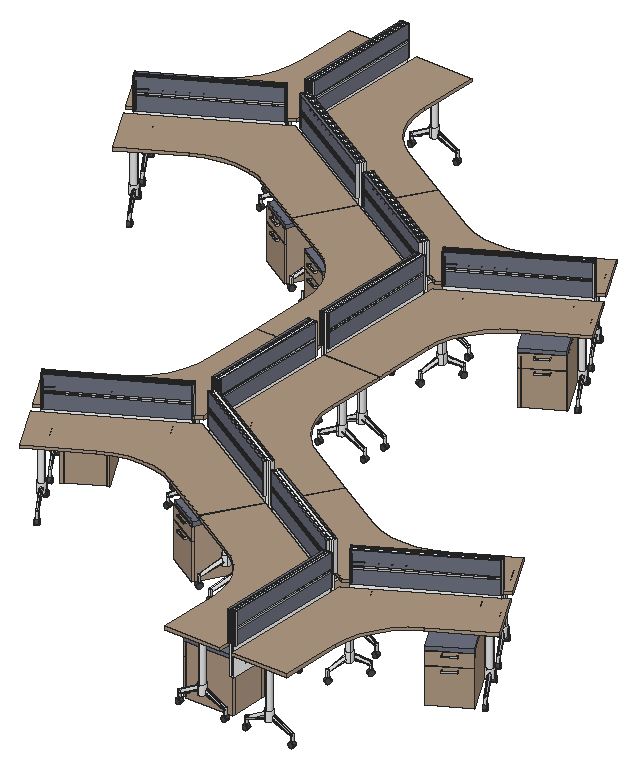
Revit family "T200028", category Furniture, Revit 2013 (continued)
Forms (in)
  Extrusion 389, solid, material "OFS BRANDS INTERMIX WORK Roll Plastic" <- "Roll Material"
    sketch origin (-3.28979, 39.49186, 29.4745) x (0.500014, -0.866017, 0) y (0, 0, -1)
      loop
        arc (-18.30139, 28.55034) -> (-18.56665, 27.84584) -> (-19.24135, 27.51201) r 1.02602
        line (-19.24135, 27.51201) -> (-19.24135, 27.59827)
        arc (-19.24135, 27.59827) -> (-19.32729, 27.59434) -> (-19.41323, 27.59827) r 0.94008
        line (-19.41323, 27.59827) -> (-19.41323, 27.51201)
        arc (-19.41323, 27.51201) -> (-20.08257, 27.83996) -> (-20.35331, 28.53442) r 1.02602
        line (-20.35331, 28.53442) -> (-20.43925, 28.53442)
        arc (-20.43925, 28.53442) -> (-20.14338, 27.77914) -> (-19.41323, 27.42579) r 1.11196
        line (-19.41323, 27.42579) -> (-19.41323, 27.09434) -> (-19.24135, 27.09434) -> (-19.24135, 27.42579)
        arc (-19.24135, 27.42579) -> (-18.50581, 27.785) -> (-18.21545, 28.55034) r 1.11196
        line (-18.21545, 28.55034) -> (-18.30139, 28.55034)
    from -0.56728 to 0.61508
  Extrusion 390, solid, material "OFS BRANDS INTERMIX WORK Feet Metal" <- "Feet Material"
    sketch origin (43.00651, 62.50654, 0) x (0.866017, 0.500014, 0) y (-0.500014, 0.866017, 0)
      loop
        circle (-51.57715, 22.59884) r 0.43
    from 2.38016 to 4.9582
  SweptBlend 391, solid, material "OFS BRANDS INTERMIX WORK Feet Metal" <- "Feet Material"
    path origin (42.03681, 64.18604, 0) x (0.500014, -0.866017, 0) y (0, 0, -1)
      loop
        line (-13.15165, -7.14826) -> (-20.5899, -3.99092)
    profile origin (35.4608, 75.5756, 7.14826) x (-0.195371, 0.33838, 0.920505) y (0.866017, 0.500014, 0)
      loop
        arc (2.62281, -51.51844) -> (2.58268, -51.39722) -> (2.47816, -51.32389) r 0.20315
        line (2.47816, -51.32389) -> (1.22742, -50.94783)
        arc (1.22742, -50.94783) -> (0.97866, -50.92516) -> (0.7409, -51.00171) r 0.625
        line (0.7409, -51.00171) -> (0.41893, -51.18293)
        arc (0.41893, -51.18293) -> (0.37961, -51.2216) -> (0.36519, -51.27484) r 0.10547
        line (0.36519, -51.27484) -> (0.36519, -51.8808)
        arc (0.36519, -51.8808) -> (0.37972, -51.93444) -> (0.41933, -51.97341) r 0.10627
        line (0.41933, -51.97341) -> (0.74123, -52.15459)
        arc (0.74123, -52.15459) -> (0.97865, -52.23103) -> (1.22705, -52.20839) r 0.6241
        line (1.22705, -52.20839) -> (2.47817, -51.8322)
        arc (2.47817, -51.8322) -> (2.58269, -51.75888) -> (2.62281, -51.63768) r 0.20313
        line (2.62281, -51.63768) -> (2.62281, -51.51844)
    end profile origin (31.74157, 82.01725, 3.99092) x (-0.195371, 0.33838, 0.920505) y (0.866017, 0.500014, 0)
      loop
        arc (0.00296, -51.97173) -> (0.47961, -51.92362) -> (0.93193, -51.76575) r 2.04165
        arc (0.93193, -51.76575) -> (1.04882, -51.57876) -> (0.93193, -51.39177) r 0.20801
        arc (0.93193, -51.39177) -> (0.47961, -51.2339) -> (0.00296, -51.18579) r 2.04165
        arc (0.00296, -51.18579) -> (-0.12974, -51.57876) -> (0.00296, -51.97173) r 0.64824
  Extrusion 392, solid, material "OFS BRANDS INTERMIX WORK Roll Plastic" <- "Roll Material"
    sketch origin (-15.41177, 60.48696, 29.4745) x (-0.500014, 0.866017, 0) y (0, 0, 1)
      loop
        circle (-19.32729, -28.53442) r 0.94008
    from -0.75 to 0.78386
  Extrusion 393, solid, material "OFS BRANDS INTERMIX WORK Roll Plastic" <- "Roll Material"
    sketch origin (-15.41177, 60.48696, 29.4745) x (-0.500014, 0.866017, 0) y (0, 0, 1)
      loop
        line (-18.30139, -28.55034) -> (-18.21545, -28.55034)
        arc (-18.21545, -28.55034) -> (-18.50581, -27.785) -> (-19.24135, -27.42579) r 1.11196
        line (-19.24135, -27.42579) -> (-19.24135, -27.09434) -> (-19.41323, -27.09434) -> (-19.41323, -27.42579)
        arc (-19.41323, -27.42579) -> (-20.14338, -27.77914) -> (-20.43925, -28.53442) r 1.11196
        line (-20.43925, -28.53442) -> (-20.35331, -28.53442)
        arc (-20.35331, -28.53442) -> (-20.08257, -27.83996) -> (-19.41323, -27.51201) r 1.02602
        line (-19.41323, -27.51201) -> (-19.41323, -27.59827)
        arc (-19.41323, -27.59827) -> (-19.32729, -27.59434) -> (-19.24135, -27.59827) r 0.94008
        line (-19.24135, -27.59827) -> (-19.24135, -27.51201)
        arc (-19.24135, -27.51201) -> (-18.56665, -27.84584) -> (-18.30139, -28.55034) r 1.02602
    from -0.56728 to 0.61508
  Extrusion 394, solid, material "OFS BRANDS INTERMIX WORK Feet Metal" <- "Feet Material"
    sketch origin (27.66673, 89.07481, 0) x (0.866017, 0.500014, 0) y (-0.500014, 0.866017, 0)
      loop
        circle (-51.57715, -22.59884) r 0.43
    from 2.38016 to 4.9582
  SweptBlend 395, solid, material "OFS BRANDS INTERMIX WORK Feet Metal" <- "Feet Material"
    path origin (28.63643, 87.3953, 0) x (-0.500014, 0.866017, 0) y (0, 0, 1)
      loop
        line (-13.15165, 7.14826) -> (-20.5899, 3.99092)
    profile origin (35.21244, 76.00575, 7.14826) x (-0.195371, 0.33838, -0.920505) y (0.866017, 0.500014, 0)
      loop
        line (-2.62281, -51.51844) -> (-2.62281, -51.63768)
        arc (-2.62281, -51.63768) -> (-2.58269, -51.75888) -> (-2.47817, -51.8322) r 0.20313
        line (-2.47817, -51.8322) -> (-1.22705, -52.20839)
        arc (-1.22705, -52.20839) -> (-0.97865, -52.23103) -> (-0.74123, -52.15459) r 0.6241
        line (-0.74123, -52.15459) -> (-0.41933, -51.97341)
        arc (-0.41933, -51.97341) -> (-0.37972, -51.93444) -> (-0.36519, -51.8808) r 0.10627
        line (-0.36519, -51.8808) -> (-0.36519, -51.27484)
        arc (-0.36519, -51.27484) -> (-0.37961, -51.2216) -> (-0.41893, -51.18293) r 0.10547
        line (-0.41893, -51.18293) -> (-0.7409, -51.00171)
        arc (-0.7409, -51.00171) -> (-0.97866, -50.92516) -> (-1.22742, -50.94783) r 0.625
        line (-1.22742, -50.94783) -> (-2.47816, -51.32389)
        arc (-2.47816, -51.32389) -> (-2.58268, -51.39722) -> (-2.62281, -51.51844) r 0.20315
    end profile origin (38.93167, 69.5641, 3.99092) x (-0.195371, 0.33838, -0.920505) y (0.866017, 0.500014, 0)
      loop
        arc (-0.00296, -51.97173) -> (0.12974, -51.57876) -> (-0.00296, -51.18579) r 0.64824
        arc (-0.00296, -51.18579) -> (-0.47961, -51.2339) -> (-0.93193, -51.39177) r 2.04165
        arc (-0.93193, -51.39177) -> (-1.04882, -51.57876) -> (-0.93193, -51.76575) r 0.20801
        arc (-0.93193, -51.76575) -> (-0.47961, -51.92362) -> (-0.00296, -51.97173) r 2.04165
  Extrusion 396, solid, material "OFS BRANDS INTERMIX WORK Back Coverage Plastic" <- "Back Coverage Material"
    sketch origin (0.07023, 30.00737, 29.4745) x (-0.000009, 1, 0) y (0, 0, 1)
      loop
        line (20.99537, -11.2245) -> (20.99537, 12.5255) -> (-27.00463, 12.5255) -> (-27.00463, -11.2245) -> (20.99537, -11.2245)
    from -0.9375 to -0.1875
  Extrusion 397, solid, material "OFS BRANDS INTERMIX WORK Tackboard Fabric" <- "Tackboard Material"
    sketch origin (-0.96302, 30.00736, 29.4745) x (-0.000009, 1, 0) y (0, 0, 1)
      loop
        line (21.02662, 6.99425) -> (21.02662, 12.5255) -> (-27.03588, 12.5255) -> (-27.03588, 6.99425) -> (21.02662, 6.99425)
    from -0.66085 to 0.03085
  Extrusion 398, solid, material "OFS BRANDS INTERMIX WORK Tackboard Fabric" <- "Tackboard Material"
    sketch origin (-0.96302, 30.00736, 22.69325) x (-0.000009, 1, 0) y (0, 0, 1)
      loop
        line (20.68752, 6.99425) -> (20.68752, 12.5255) -> (-27.03588, 12.5255) -> (-27.03588, 6.99425) -> (20.68752, 6.99425)
    from -0.66085 to 0.03085
  Extrusion 399, solid, material "OFS BRANDS INTERMIX WORK Conector Metal" <- "Conector Material"
    sketch origin (0.60113, 55.04473, 0) x (0.000009, -1, 0) y (1, 0.000009, 0)
      loop
        line (51.73413, -2.29012) -> (52.10913, -2.29011) -> (52.10913, -1.46862) -> (51.35913, -1.46862) -> (51.35913, -1.50452) -> (52.07323, -1.50452) -> (52.07323, -2.25422) -> (51.73413, -2.25422) -> (51.73413, -2.29012)
    from 29.74775 to 41.93975
  Extrusion 400, solid, material "OFS BRANDS INTERMIX WORK Tool Rail Metal" <- "Tool Rail Material"
    sketch origin (0.60113, 55.04473, 0) x (1, 0.000009, 0) y (0, 0, 1)
      loop
        line (-1.53351, 35.21875) -> (-1.53351, 34.46875) -> (-1.46862, 34.46875) -> (-1.46862, 35.29875) -> (-2.15611, 35.29875) -> (-2.15612, 35.70367) -> (-2.04082, 35.70367) -> (-1.85742, 35.59348) -> (-1.70638, 35.84486) -> (-1.85625, 36.09427) -> (-2.04176, 35.9828) -> (-2.15612, 35.9828) -> (-2.15612, 36.38875) -> (-1.46862, 36.38875) -> (-1.46862, 37.21875) -> (-1.53351, 37.21875) -> (-1.53351, 36.46875) -> (-2.23612, 36.46875) -> (-2.23612, 35.9028) -> (-2.01958, 35.9028) -> (-1.88459, 35.98391) -> (-1.80037, 35.84375) -> (-1.88459, 35.70359) -> (-2.01958, 35.78469) -> (-2.23612, 35.78469) -> (-2.23612, 35.21875) -> (-1.53351, 35.21875)
    from 4.01073 to 52.07323
  Extrusion 401, solid, material "OFS BRANDS INTERMIX WORK Conector Metal" <- "Conector Material"
    sketch origin (0.60161, -1.03923, 0) x (-0.000009, 1, 0) y (-1, -0.000009, 0)
      loop
        line (51.73413, 2.29012) -> (51.73413, 2.25422) -> (52.07323, 2.25422) -> (52.07323, 1.50452) -> (51.35913, 1.50452) -> (51.35913, 1.46862) -> (52.10913, 1.46862) -> (52.10913, 2.29011) -> (51.73413, 2.29012)
    from 29.74775 to 41.93975
  Extrusion 402, solid, material "OFS BRANDS INTERMIX WORK Conector Clip Metal" <- "Conector Clip Material"
    sketch origin (0.07046, 3.00275, 57.662) x (0, 0, -1) y (1, 0.000009, 0)
      loop
        line (29.787, -2.37745) -> (29.787, -10.34879) -> (29.9745, -10.34879) -> (29.9745, -2.46068) -> (31.27888, -1.1563) -> (36.66201, -1.1563) -> (36.66201, -0.9375) -> (31.22695, -0.9375) -> (29.787, -2.37745)
    from -7.1875 to -5.8125
  Extrusion 403, solid, material "OFS BRANDS INTERMIX WORK Conector Clip Metal" <- "Conector Clip Material"
    sketch origin (0.07046, 3.00275, 57.662) x (0, 0, -1) y (1, 0.000009, 0)
      loop
        line (35.87689, -1.1563) -> (30.037, -10.49716) -> (30.037, -11.86776) -> (36.66201, -1.1563) -> (35.87689, -1.1563)
    from -6.59375 to -6.40625
  Extrusion 404, solid, material "OFS BRANDS INTERMIX WORK Conector Clip Metal" <- "Conector Clip Material"
    sketch origin (0.07016, 38.00275, 57.662) x (0, 0, -1) y (1, 0.000009, 0)
      loop
        line (29.787, -2.37745) -> (29.787, -10.34879) -> (29.9745, -10.34879) -> (29.9745, -2.46068) -> (31.27888, -1.1563) -> (36.66201, -1.1563) -> (36.66201, -0.9375) -> (31.22695, -0.9375) -> (29.787, -2.37745)
    from -7.1875 to -5.8125
  Extrusion 405, solid, material "OFS BRANDS INTERMIX WORK Conector Clip Metal" <- "Conector Clip Material"
    sketch origin (0.07016, 38.00275, 57.662) x (0, 0, -1) y (1, 0.000009, 0)
      loop
        line (35.87689, -1.1563) -> (30.037, -10.49716) -> (30.037, -11.86776) -> (36.66201, -1.1563) -> (35.87689, -1.1563)
    from -6.59375 to -6.40625
  Extrusion 406, solid, material "OFS BRANDS INTERMIX WORK Back Coverage Plastic" <- "Back Coverage Material"
    sketch origin (-21.94585, 68.13885, 29.4745) x (0.866038, -0.499978, 0) y (0, 0, -1)
      loop
        line (20.99537, 11.2245) -> (-27.00463, 11.2245) -> (-27.00463, -12.5255) -> (20.99537, -12.5255) -> (20.99537, 11.2245)
    from -0.9375 to -0.1875
  Extrusion 407, solid, material "OFS BRANDS INTERMIX WORK Tackboard Fabric" <- "Tackboard Material"
    sketch origin (-22.46245, 67.24402, 29.4745) x (0.866038, -0.499978, 0) y (0, 0, -1)
      loop
        line (21.02662, -6.99425) -> (-27.03588, -6.99425) -> (-27.03588, -12.5255) -> (21.02662, -12.5255) -> (21.02662, -6.99425)
    from -0.66085 to 0.03085
  Extrusion 408, solid, material "OFS BRANDS INTERMIX WORK Tackboard Fabric" <- "Tackboard Material"
    sketch origin (-22.46245, 67.24402, 22.69325) x (0.866038, -0.499978, 0) y (0, 0, -1)
      loop
        line (20.68752, -6.99425) -> (-27.03588, -6.99425) -> (-27.03588, -12.5255) -> (20.68752, -12.5255) -> (20.68752, -6.99425)
    from -0.66085 to 0.03085
  Extrusion 409, solid, material "OFS BRANDS INTERMIX WORK Conector Metal" <- "Conector Material"
    sketch origin (0.00299, 56.08068, 0) x (-0.866038, 0.499978, 0) y (-0.499978, -0.866038, 0)
      loop
        line (51.73413, 2.29012) -> (51.73413, 2.25422) -> (52.07323, 2.25422) -> (52.07323, 1.50452) -> (51.35913, 1.50452) -> (51.35913, 1.46862) -> (52.10913, 1.46862) -> (52.10913, 2.29011) -> (51.73413, 2.29012)
    from 29.74775 to 41.93975
  Extrusion 410, solid, material "OFS BRANDS INTERMIX WORK Tool Rail Metal" <- "Tool Rail Material"
    sketch origin (0.00299, 56.08068, 0) x (0.499978, 0.866038, 0) y (0, 0, -1)
      loop
        line (-1.53351, -35.21875) -> (-2.23612, -35.21875) -> (-2.23612, -35.78469) -> (-2.01958, -35.78469) -> (-1.88459, -35.70359) -> (-1.80037, -35.84375) -> (-1.88459, -35.98391) -> (-2.01958, -35.9028) -> (-2.23612, -35.9028) -> (-2.23612, -36.46875) -> (-1.53351, -36.46875) -> (-1.53351, -37.21875) -> (-1.46862, -37.21875) -> (-1.46862, -36.38875) -> (-2.15612, -36.38875) -> (-2.15612, -35.9828) -> (-2.04176, -35.9828) -> (-1.85625, -36.09427) -> (-1.70638, -35.84486) -> (-1.85742, -35.59348) -> (-2.04082, -35.70367) -> (-2.15612, -35.70367) -> (-2.15611, -35.29875) -> (-1.46862, -35.29875) -> (-1.46862, -34.46875) -> (-1.53351, -34.46875) -> (-1.53351, -35.21875)
    from 4.01073 to 52.07323
  Extrusion 411, solid, material "OFS BRANDS INTERMIX WORK Conector Metal" <- "Conector Material"
    sketch origin (-48.56784, 84.12144, 0) x (0.866038, -0.499978, 0) y (0.499978, 0.866038, 0)
      loop
        line (51.73413, -2.29012) -> (52.10913, -2.29011) -> (52.10913, -1.46862) -> (51.35913, -1.46862) -> (51.35913, -1.50452) -> (52.07323, -1.50452) -> (52.07323, -2.25422) -> (51.73413, -2.25422) -> (51.73413, -2.29012)
    from 29.74775 to 41.93975
  Extrusion 412, solid, material "OFS BRANDS INTERMIX WORK Conector Clip Metal" <- "Conector Clip Material"
    sketch origin (-45.33288, 81.64058, 57.662) x (0, 0, -1) y (-0.499978, -0.866038, 0)
      loop
        line (29.787, 2.37745) -> (31.22695, 0.9375) -> (36.66201, 0.9375) -> (36.66201, 1.1563) -> (31.27888, 1.1563) -> (29.9745, 2.46068) -> (29.9745, 10.34879) -> (29.787, 10.34879) -> (29.787, 2.37745)
    from -7.1875 to -5.8125
  Extrusion 413, solid, material "OFS BRANDS INTERMIX WORK Conector Clip Metal" <- "Conector Clip Material"
    sketch origin (-45.33288, 81.64058, 57.662) x (0, 0, -1) y (-0.499978, -0.866038, 0)
      loop
        line (35.87689, 1.1563) -> (36.66201, 1.1563) -> (30.037, 11.86776) -> (30.037, 10.49716) -> (35.87689, 1.1563)
    from -6.59375 to -6.40625
  Extrusion 414, solid, material "OFS BRANDS INTERMIX WORK Conector Clip Metal" <- "Conector Clip Material"
    sketch origin (-15.02155, 64.14134, 57.662) x (0, 0, -1) y (-0.499978, -0.866038, 0)
      loop
        line (29.787, 2.37745) -> (31.22695, 0.9375) -> (36.66201, 0.9375) -> (36.66201, 1.1563) -> (31.27888, 1.1563) -> (29.9745, 2.46068) -> (29.9745, 10.34879) -> (29.787, 10.34879) -> (29.787, 2.37745)
    from -7.1875 to -5.8125
  Extrusion 415, solid, material "OFS BRANDS INTERMIX WORK Conector Clip Metal" <- "Conector Clip Material"
    sketch origin (-15.02155, 64.14134, 57.662) x (0, 0, -1) y (-0.499978, -0.866038, 0)
      loop
        line (35.87689, 1.1563) -> (36.66201, 1.1563) -> (30.037, 11.86776) -> (30.037, 10.49716) -> (35.87689, 1.1563)
    from -6.59375 to -6.40625
  Extrusion 416, solid, material "OFS BRANDS INTERMIX WORK Roll Plastic" <- "Roll Material"
    sketch origin (-45.26715, 77.80198, 29.4745) x (0.499986, 0.866034, 0) y (0, 0, 1)
      loop
        circle (-19.32729, -28.53442) r 0.94008
    from -0.75 to 0.78386
  Extrusion 417, solid, material "OFS BRANDS INTERMIX WORK Roll Plastic" <- "Roll Material"
    sketch origin (-45.26715, 77.80198, 29.4745) x (0.499986, 0.866034, 0) y (0, 0, 1)
      loop
        line (-18.30139, -28.55034) -> (-18.21545, -28.55034)
        arc (-18.21545, -28.55034) -> (-18.50581, -27.785) -> (-19.24135, -27.42579) r 1.11196
        line (-19.24135, -27.42579) -> (-19.24135, -27.09434) -> (-19.41323, -27.09434) -> (-19.41323, -27.42579)
        arc (-19.41323, -27.42579) -> (-20.14338, -27.77914) -> (-20.43925, -28.53442) r 1.11196
        line (-20.43925, -28.53442) -> (-20.35331, -28.53442)
        arc (-20.35331, -28.53442) -> (-20.08257, -27.83996) -> (-19.41323, -27.51201) r 1.02602
        line (-19.41323, -27.51201) -> (-19.41323, -27.59827)
        arc (-19.41323, -27.59827) -> (-19.32729, -27.59434) -> (-19.24135, -27.59827) r 0.94008
        line (-19.24135, -27.59827) -> (-19.24135, -27.51201)
        arc (-19.24135, -27.51201) -> (-18.56665, -27.84584) -> (-18.30139, -28.55034) r 1.02602
    from -0.56728 to 0.61508
  Extrusion 418, solid, material "OFS BRANDS INTERMIX WORK Feet Metal" <- "Feet Material"
    sketch origin (1.0299, 54.78883, 0) x (0.866034, -0.499986, 0) y (0.499986, 0.866034, 0)
      loop
        line (-54.57973, -9.4) -> (-54.57973, -17.4) -> (-48.57973, -17.4) -> (-48.57973, -9.4) -> (-54.57973, -9.4)
    from 27.6875 to 27.87542
  Extrusion 419, solid, material "OFS BRANDS INTERMIX WORK Feet Metal" <- "Feet Material"
    sketch origin (1.0299, 54.78883, 0) x (0.866034, -0.499986, 0) y (0.499986, 0.866034, 0)
      loop
        circle (-51.57876, -13.39995) r 1.14391
    from 10.29161 to 27.6875
  Extrusion 420, solid, material "OFS BRANDS INTERMIX WORK Feet Metal" <- "Feet Material"
    sketch origin (1.0299, 54.78883, 0) x (0.866034, -0.499986, 0) y (0.499986, 0.866034, 0)
      loop
        circle (-51.57876, -13.40165) r 1.51553
    from 6.70403 to 10.29161
  Extrusion 421, solid, material "OFS BRANDS INTERMIX WORK Feet Metal" <- "Feet Material"
    sketch origin (1.0299, 54.78883, 0) x (0.866034, -0.499986, 0) y (0.499986, 0.866034, 0)
      loop
        circle (-51.57715, -22.59884) r 0.43
    from 2.38016 to 4.82597
  SweptBlend 422, solid, material "OFS BRANDS INTERMIX WORK Feet Metal" <- "Feet Material"
    path origin (1.0299, 54.78883, 0) x (0.499986, 0.866034, 0) y (0, 0, 1)
      loop
        line (-13.40165, 7.14826) -> (-22.60845, 3.84119)
    profile origin (-5.67073, 43.18255, 7.14826) x (0.169021, 0.292764, -0.941127) y (0.866034, -0.499986, 0)
      loop
        line (-2.62281, -51.51844) -> (-2.62281, -51.63768)
        arc (-2.62281, -51.63768) -> (-2.58269, -51.75888) -> (-2.47817, -51.8322) r 0.20313
        line (-2.47817, -51.8322) -> (-1.22705, -52.20839)
        arc (-1.22705, -52.20839) -> (-0.97865, -52.23103) -> (-0.74123, -52.15459) r 0.6241
        line (-0.74123, -52.15459) -> (-0.41933, -51.97341)
        arc (-0.41933, -51.97341) -> (-0.37972, -51.93444) -> (-0.36519, -51.8808) r 0.10627
        line (-0.36519, -51.8808) -> (-0.36519, -51.27484)
        arc (-0.36519, -51.27484) -> (-0.37961, -51.2216) -> (-0.41893, -51.18293) r 0.10547
        line (-0.41893, -51.18293) -> (-0.7409, -51.00171)
        arc (-0.7409, -51.00171) -> (-0.97866, -50.92516) -> (-1.22742, -50.94783) r 0.625
        line (-1.22742, -50.94783) -> (-2.47816, -51.32389)
        arc (-2.47816, -51.32389) -> (-2.58268, -51.39722) -> (-2.62281, -51.51844) r 0.20315
    end profile origin (-10.274, 35.20915, 3.84119) x (0.169021, 0.292764, -0.941127) y (0.866034, -0.499986, 0)
      loop
        arc (-0.00296, -51.97173) -> (0.12974, -51.57876) -> (-0.00296, -51.18579) r 0.64824
        arc (-0.00296, -51.18579) -> (-0.47961, -51.2339) -> (-0.93193, -51.39177) r 2.04165
        arc (-0.93193, -51.39177) -> (-1.04882, -51.57876) -> (-0.93193, -51.76575) r 0.20801
        arc (-0.93193, -51.76575) -> (-0.47961, -51.92362) -> (-0.00296, -51.97173) r 2.04165
  Extrusion 423, solid, material "OFS BRANDS INTERMIX WORK Roll Plastic" <- "Roll Material"
    sketch origin (-55.44916, 60.16555, 29.4745) x (-0.499986, -0.866034, 0) y (0, 0, -1)
      loop
        circle (-19.32729, 28.53442) r 0.94008
    from -0.75 to 0.78386
  Extrusion 424, solid, material "OFS BRANDS INTERMIX WORK Roll Plastic" <- "Roll Material"
    sketch origin (-55.44916, 60.16555, 29.4745) x (-0.499986, -0.866034, 0) y (0, 0, -1)
      loop
        arc (-18.30139, 28.55034) -> (-18.56665, 27.84584) -> (-19.24135, 27.51201) r 1.02602
        line (-19.24135, 27.51201) -> (-19.24135, 27.59827)
        arc (-19.24135, 27.59827) -> (-19.32729, 27.59434) -> (-19.41323, 27.59827) r 0.94008
        line (-19.41323, 27.59827) -> (-19.41323, 27.51201)
        arc (-19.41323, 27.51201) -> (-20.08257, 27.83996) -> (-20.35331, 28.53442) r 1.02602
        line (-20.35331, 28.53442) -> (-20.43925, 28.53442)
        arc (-20.43925, 28.53442) -> (-20.14338, 27.77914) -> (-19.41323, 27.42579) r 1.11196
        line (-19.41323, 27.42579) -> (-19.41323, 27.09434) -> (-19.24135, 27.09434) -> (-19.24135, 27.42579)
        arc (-19.24135, 27.42579) -> (-18.50581, 27.785) -> (-18.21545, 28.55034) r 1.11196
        line (-18.21545, 28.55034) -> (-18.30139, 28.55034)
    from -0.56728 to 0.61508
  Extrusion 425, solid, material "OFS BRANDS INTERMIX WORK Feet Metal" <- "Feet Material"
    sketch origin (-12.36971, 31.57913, 0) x (0.866034, -0.499986, 0) y (0.499986, 0.866034, 0)
      loop
        circle (-51.57715, 22.59884) r 0.43
    from 2.38016 to 4.82597
  SweptBlend 426, solid, material "OFS BRANDS INTERMIX WORK Feet Metal" <- "Feet Material"
    path origin (-12.36971, 31.57913, 0) x (-0.499986, -0.866034, 0) y (0, 0, -1)
      loop
        line (-13.40165, -7.14826) -> (-22.60845, -3.84119)
    profile origin (-5.66908, 43.18541, 7.14826) x (0.169021, 0.292764, 0.941127) y (0.866034, -0.499986, 0)
      loop
        arc (2.62281, -51.51844) -> (2.58268, -51.39722) -> (2.47816, -51.32389) r 0.20315
        line (2.47816, -51.32389) -> (1.22742, -50.94783)
        arc (1.22742, -50.94783) -> (0.97866, -50.92516) -> (0.7409, -51.00171) r 0.625
        line (0.7409, -51.00171) -> (0.41893, -51.18293)
        arc (0.41893, -51.18293) -> (0.37961, -51.2216) -> (0.36519, -51.27484) r 0.10547
        line (0.36519, -51.27484) -> (0.36519, -51.8808)
        arc (0.36519, -51.8808) -> (0.37972, -51.93444) -> (0.41933, -51.97341) r 0.10627
        line (0.41933, -51.97341) -> (0.74123, -52.15459)
        arc (0.74123, -52.15459) -> (0.97865, -52.23103) -> (1.22705, -52.20839) r 0.6241
        line (1.22705, -52.20839) -> (2.47817, -51.8322)
        arc (2.47817, -51.8322) -> (2.58269, -51.75888) -> (2.62281, -51.63768) r 0.20313
        line (2.62281, -51.63768) -> (2.62281, -51.51844)
    end profile origin (-1.06581, 51.1588, 3.84119) x (0.169021, 0.292764, 0.941127) y (0.866034, -0.499986, 0)
      loop
        arc (0.00296, -51.97173) -> (0.47961, -51.92362) -> (0.93193, -51.76575) r 2.04165
        arc (0.93193, -51.76575) -> (1.04882, -51.57876) -> (0.93193, -51.39177) r 0.20801
        arc (0.93193, -51.39177) -> (0.47961, -51.2339) -> (0.00296, -51.18579) r 2.04165
        arc (0.00296, -51.18579) -> (-0.12974, -51.57876) -> (0.00296, -51.97173) r 0.64824
  Extrusion 427, solid, material "OFS BRANDS INTERMIX WORK Roll Plastic" <- "Roll Material"
    sketch origin (92.71721, -161.1858, 29.4745) x (1, 0, 0) y (0, 0, -1)
      loop
        circle (-19.32729, 28.53442) r 0.94008
    from -0.75 to 0.78386
  Extrusion 428, solid, material "OFS BRANDS INTERMIX WORK Roll Plastic" <- "Roll Material"
    sketch origin (92.71721, -161.1858, 29.4745) x (1, 0, 0) y (0, 0, -1)
      loop
        arc (-18.30139, 28.55034) -> (-18.56665, 27.84584) -> (-19.24135, 27.51201) r 1.02602
        line (-19.24135, 27.51201) -> (-19.24135, 27.59827)
        arc (-19.24135, 27.59827) -> (-19.32729, 27.59434) -> (-19.41323, 27.59827) r 0.94008
        line (-19.41323, 27.59827) -> (-19.41323, 27.51201)
        arc (-19.41323, 27.51201) -> (-20.08257, 27.83996) -> (-20.35331, 28.53442) r 1.02602
        line (-20.35331, 28.53442) -> (-20.43925, 28.53442)
        arc (-20.43925, 28.53442) -> (-20.14338, 27.77914) -> (-19.41323, 27.42579) r 1.11196
        line (-19.41323, 27.42579) -> (-19.41323, 27.09434) -> (-19.24135, 27.09434) -> (-19.24135, 27.42579)
        arc (-19.24135, 27.42579) -> (-18.50581, 27.785) -> (-18.21545, 28.55034) r 1.11196
        line (-18.21545, 28.55034) -> (-18.30139, 28.55034)
    from -0.56728 to 0.61508
  Extrusion 429, solid, material "OFS BRANDS INTERMIX WORK Feet Metal" <- "Feet Material"
    sketch origin (95.9349, -109.58474, 0) x (0, 1, 0) y (-1, 0, 0)
      loop
        line (-54.57973, 9.4) -> (-48.57973, 9.4) -> (-48.57973, 17.4) -> (-54.57973, 17.4) -> (-54.57973, 9.4)
    from 27.6875 to 27.87542
  Extrusion 430, solid, material "OFS BRANDS INTERMIX WORK Feet Metal" <- "Feet Material"
    sketch origin (95.9349, -109.58474, 0) x (0, 1, 0) y (-1, 0, 0)
      loop
        circle (-51.57876, 13.39995) r 1.14391
    from 10.29161 to 27.6875
  Extrusion 431, solid, material "OFS BRANDS INTERMIX WORK Feet Metal" <- "Feet Material"
    sketch origin (95.9349, -109.58474, 0) x (0, 1, 0) y (-1, 0, 0)
      loop
        circle (-51.57876, 13.40165) r 1.51553
    from 6.70403 to 10.29161
  Extrusion 432, solid, material "OFS BRANDS INTERMIX WORK Feet Metal" <- "Feet Material"
    sketch origin (95.9349, -109.58474, 0) x (0, 1, 0) y (-1, 0, 0)
      loop
        circle (-51.57715, 22.59884) r 0.43
    from 2.38016 to 4.82597
  SweptBlend 433, solid, material "OFS BRANDS INTERMIX WORK Feet Metal" <- "Feet Material"
    path origin (95.9349, -109.58474, 0) x (1, 0, 0) y (0, 0, -1)
      loop
        line (-13.40165, -7.14826) -> (-22.60845, -3.84119)
    profile origin (82.53325, -109.58475, 7.14826) x (-0.338052, 0, 0.941127) y (0, 1, 0)
      loop
        arc (2.62281, -51.51844) -> (2.58268, -51.39722) -> (2.47816, -51.32389) r 0.20315
        line (2.47816, -51.32389) -> (1.22742, -50.94783)
        arc (1.22742, -50.94783) -> (0.97866, -50.92516) -> (0.7409, -51.00171) r 0.625
        line (0.7409, -51.00171) -> (0.41893, -51.18293)
        arc (0.41893, -51.18293) -> (0.37961, -51.2216) -> (0.36519, -51.27484) r 0.10547
        line (0.36519, -51.27484) -> (0.36519, -51.8808)
        arc (0.36519, -51.8808) -> (0.37972, -51.93444) -> (0.41933, -51.97341) r 0.10627
        line (0.41933, -51.97341) -> (0.74123, -52.15459)
        arc (0.74123, -52.15459) -> (0.97865, -52.23103) -> (1.22705, -52.20839) r 0.6241
        line (1.22705, -52.20839) -> (2.47817, -51.8322)
        arc (2.47817, -51.8322) -> (2.58269, -51.75888) -> (2.62281, -51.63768) r 0.20313
        line (2.62281, -51.63768) -> (2.62281, -51.51844)
    end profile origin (73.32645, -109.58475, 3.84119) x (-0.338052, 0, 0.941127) y (0, 1, 0)
      loop
        arc (0.00296, -51.97173) -> (0.47961, -51.92362) -> (0.93193, -51.76575) r 2.04165
        arc (0.93193, -51.76575) -> (1.04882, -51.57876) -> (0.93193, -51.39177) r 0.20801
        arc (0.93193, -51.39177) -> (0.47961, -51.2339) -> (0.00296, -51.18579) r 2.04165
        arc (0.00296, -51.18579) -> (-0.12974, -51.57876) -> (0.00296, -51.97173) r 0.64824
  Extrusion 434, solid, material "OFS BRANDS INTERMIX WORK Roll Plastic" <- "Roll Material"
    sketch origin (72.35261, -161.1858, 29.4745) x (-1, 0, 0) y (0, 0, 1)
      loop
        circle (-19.32729, -28.53442) r 0.94008
    from -0.75 to 0.78386
  Extrusion 435, solid, material "OFS BRANDS INTERMIX WORK Roll Plastic" <- "Roll Material"
    sketch origin (72.35261, -161.1858, 29.4745) x (-1, 0, 0) y (0, 0, 1)
      loop
        line (-18.30139, -28.55034) -> (-18.21545, -28.55034)
        arc (-18.21545, -28.55034) -> (-18.50581, -27.785) -> (-19.24135, -27.42579) r 1.11196
        line (-19.24135, -27.42579) -> (-19.24135, -27.09434) -> (-19.41323, -27.09434) -> (-19.41323, -27.42579)
        arc (-19.41323, -27.42579) -> (-20.14338, -27.77914) -> (-20.43925, -28.53442) r 1.11196
        line (-20.43925, -28.53442) -> (-20.35331, -28.53442)
        arc (-20.35331, -28.53442) -> (-20.08257, -27.83996) -> (-19.41323, -27.51201) r 1.02602
        line (-19.41323, -27.51201) -> (-19.41323, -27.59827)
        arc (-19.41323, -27.59827) -> (-19.32729, -27.59434) -> (-19.24135, -27.59827) r 0.94008
        line (-19.24135, -27.59827) -> (-19.24135, -27.51201)
        arc (-19.24135, -27.51201) -> (-18.56665, -27.84584) -> (-18.30139, -28.55034) r 1.02602
    from -0.56728 to 0.61508
  Extrusion 436, solid, material "OFS BRANDS INTERMIX WORK Feet Metal" <- "Feet Material"
    sketch origin (69.1349, -109.58475, 0) x (0, 1, 0) y (-1, 0, 0)
      loop
        circle (-51.57715, -22.59884) r 0.43
    from 2.38016 to 4.82597
  SweptBlend 437, solid, material "OFS BRANDS INTERMIX WORK Feet Metal" <- "Feet Material"
    path origin (69.1349, -109.58475, 0) x (-1, 0, 0) y (0, 0, 1)
      loop
        line (-13.40165, 7.14826) -> (-22.60845, 3.84119)
    profile origin (82.53655, -109.58475, 7.14826) x (-0.338052, 0, -0.941127) y (0, 1, 0)
      loop
        line (-2.62281, -51.51844) -> (-2.62281, -51.63768)
        arc (-2.62281, -51.63768) -> (-2.58269, -51.75888) -> (-2.47817, -51.8322) r 0.20313
        line (-2.47817, -51.8322) -> (-1.22705, -52.20839)
        arc (-1.22705, -52.20839) -> (-0.97865, -52.23103) -> (-0.74123, -52.15459) r 0.6241
        line (-0.74123, -52.15459) -> (-0.41933, -51.97341)
        arc (-0.41933, -51.97341) -> (-0.37972, -51.93444) -> (-0.36519, -51.8808) r 0.10627
        line (-0.36519, -51.8808) -> (-0.36519, -51.27484)
        arc (-0.36519, -51.27484) -> (-0.37961, -51.2216) -> (-0.41893, -51.18293) r 0.10547
        line (-0.41893, -51.18293) -> (-0.7409, -51.00171)
        arc (-0.7409, -51.00171) -> (-0.97866, -50.92516) -> (-1.22742, -50.94783) r 0.625
        line (-1.22742, -50.94783) -> (-2.47816, -51.32389)
        arc (-2.47816, -51.32389) -> (-2.58268, -51.39722) -> (-2.62281, -51.51844) r 0.20315
    end profile origin (91.74335, -109.58475, 3.84119) x (-0.338052, 0, -0.941127) y (0, 1, 0)
      loop
        arc (-0.00296, -51.97173) -> (0.12974, -51.57876) -> (-0.00296, -51.18579) r 0.64824
        arc (-0.00296, -51.18579) -> (-0.47961, -51.2339) -> (-0.93193, -51.39177) r 2.04165
        arc (-0.93193, -51.39177) -> (-1.04882, -51.57876) -> (-0.93193, -51.76575) r 0.20801
        arc (-0.93193, -51.76575) -> (-0.47961, -51.92362) -> (-0.00296, -51.97173) r 2.04165
  Extrusion 438, solid, material "OFS BRANDS INTERMIX WORK Top Core Wood" <- "Top Core Material"
    sketch origin (-29.57403, -90.50173, 0) x (-0.5, -0.866025, 0) y (0.866025, -0.5, 0)
      loop
        line (3.97134, 144.44683) -> (-42.79403, 117.44683) -> (-42.79403, 63.44684) -> (-20.79403, 63.44684) -> (-20.79403, 87.42463)
        arc (-20.79403, 87.42463) -> (-16.7855, 102.41798) -> (-5.81327, 113.39428) r 29.96155
        line (-5.81327, 113.39428) -> (14.97134, 125.39429) -> (3.97134, 144.44683)
    from 27.87542 to 29.00005
  Extrusion 439, solid, material "OFS BRANDS INTERMIX WORK Feet Metal" <- "Feet Material"
    sketch origin (124.5761, -78.76989, 0) x (0.866026, 0.5, 0) y (-0.5, 0.866026, 0)
      loop
        line (-54.57973, -9.4) -> (-54.57973, -17.4) -> (-48.57973, -17.4) -> (-48.57973, -9.4) -> (-54.57973, -9.4)
    from 27.6875 to 27.87542
  Extrusion 440, solid, material "OFS BRANDS INTERMIX WORK Feet Metal" <- "Feet Material"
    sketch origin (124.5761, -78.76989, 0) x (0.866026, 0.5, 0) y (-0.5, 0.866026, 0)
      loop
        circle (-51.57876, -13.39995) r 1.14391
    from 10.29161 to 27.6875
  Extrusion 441, solid, material "OFS BRANDS INTERMIX WORK Feet Metal" <- "Feet Material"
    sketch origin (124.5761, -78.76989, 0) x (0.866026, 0.5, 0) y (-0.5, 0.866026, 0)
      loop
        circle (-51.57876, -13.40165) r 1.51553
    from 6.70403 to 10.29161
  Extrusion 442, solid, material "OFS BRANDS INTERMIX WORK Roll Plastic" <- "Roll Material"
    sketch origin (92.64907, -126.67279, 29.4745) x (0.5, -0.866026, 0) y (0, 0, -1)
      loop
        circle (-19.32729, 28.53442) r 0.94008
    from -0.75 to 0.78386
  Extrusion 443, solid, material "OFS BRANDS INTERMIX WORK Roll Plastic" <- "Roll Material"
    sketch origin (92.64907, -126.67279, 29.4745) x (0.5, -0.866026, 0) y (0, 0, -1)
      loop
        arc (-18.30139, 28.55034) -> (-18.56665, 27.84584) -> (-19.24135, 27.51201) r 1.02602
        line (-19.24135, 27.51201) -> (-19.24135, 27.59827)
        arc (-19.24135, 27.59827) -> (-19.32729, 27.59434) -> (-19.41323, 27.59827) r 0.94008
        line (-19.41323, 27.59827) -> (-19.41323, 27.51201)
        arc (-19.41323, 27.51201) -> (-20.08257, 27.83996) -> (-20.35331, 28.53442) r 1.02602
        line (-20.35331, 28.53442) -> (-20.43925, 28.53442)
        arc (-20.43925, 28.53442) -> (-20.14338, 27.77914) -> (-19.41323, 27.42579) r 1.11196
        line (-19.41323, 27.42579) -> (-19.41323, 27.09434) -> (-19.24135, 27.09434) -> (-19.24135, 27.42579)
        arc (-19.24135, 27.42579) -> (-18.50581, 27.785) -> (-18.21545, 28.55034) r 1.11196
        line (-18.21545, 28.55034) -> (-18.30139, 28.55034)
    from -0.56728 to 0.61508
  Extrusion 444, solid, material "OFS BRANDS INTERMIX WORK Feet Metal" <- "Feet Material"
    sketch origin (138.94576, -103.6589, 0) x (0.866026, 0.5, 0) y (-0.5, 0.866026, 0)
      loop
        circle (-51.57715, 22.59884) r 0.43
    from 2.38016 to 4.9582
  SweptBlend 445, solid, material "OFS BRANDS INTERMIX WORK Feet Metal" <- "Feet Material"
    path origin (137.97609, -101.97938, 0) x (0.5, -0.866026, 0) y (0, 0, -1)
      loop
        line (-13.15165, -7.14826) -> (-20.5899, -3.99092)
    profile origin (131.40027, -90.58971, 7.14826) x (-0.195365, 0.338383, 0.920505) y (0.866026, 0.5, 0)
      loop
        arc (2.62281, -51.51844) -> (2.58268, -51.39722) -> (2.47816, -51.32389) r 0.20315
        line (2.47816, -51.32389) -> (1.22742, -50.94783)
        arc (1.22742, -50.94783) -> (0.97866, -50.92516) -> (0.7409, -51.00171) r 0.625
        line (0.7409, -51.00171) -> (0.41893, -51.18293)
        arc (0.41893, -51.18293) -> (0.37961, -51.2216) -> (0.36519, -51.27484) r 0.10547
        line (0.36519, -51.27484) -> (0.36519, -51.8808)
        arc (0.36519, -51.8808) -> (0.37972, -51.93444) -> (0.41933, -51.97341) r 0.10627
        line (0.41933, -51.97341) -> (0.74123, -52.15459)
        arc (0.74123, -52.15459) -> (0.97865, -52.23103) -> (1.22705, -52.20839) r 0.6241
        line (1.22705, -52.20839) -> (2.47817, -51.8322)
        arc (2.47817, -51.8322) -> (2.58269, -51.75888) -> (2.62281, -51.63768) r 0.20313
        line (2.62281, -51.63768) -> (2.62281, -51.51844)
    end profile origin (127.68115, -84.148, 3.99092) x (-0.195365, 0.338383, 0.920505) y (0.866026, 0.5, 0)
      loop
        arc (0.00296, -51.97173) -> (0.47961, -51.92362) -> (0.93193, -51.76575) r 2.04165
        arc (0.93193, -51.76575) -> (1.04882, -51.57876) -> (0.93193, -51.39177) r 0.20801
        arc (0.93193, -51.39177) -> (0.47961, -51.2339) -> (0.00296, -51.18579) r 2.04165
        arc (0.00296, -51.18579) -> (-0.12974, -51.57876) -> (0.00296, -51.97173) r 0.64824
  Extrusion 446, solid, material "OFS BRANDS INTERMIX WORK Roll Plastic" <- "Roll Material"
    sketch origin (80.52744, -105.67749, 29.4745) x (-0.5, 0.866026, 0) y (0, 0, 1)
      loop
        circle (-19.32729, -28.53442) r 0.94008
    from -0.75 to 0.78386
  Extrusion 447, solid, material "OFS BRANDS INTERMIX WORK Roll Plastic" <- "Roll Material"
    sketch origin (80.52744, -105.67749, 29.4745) x (-0.5, 0.866026, 0) y (0, 0, 1)
      loop
        line (-18.30139, -28.55034) -> (-18.21545, -28.55034)
        arc (-18.21545, -28.55034) -> (-18.50581, -27.785) -> (-19.24135, -27.42579) r 1.11196
        line (-19.24135, -27.42579) -> (-19.24135, -27.09434) -> (-19.41323, -27.09434) -> (-19.41323, -27.42579)
        arc (-19.41323, -27.42579) -> (-20.14338, -27.77914) -> (-20.43925, -28.53442) r 1.11196
        line (-20.43925, -28.53442) -> (-20.35331, -28.53442)
        arc (-20.35331, -28.53442) -> (-20.08257, -27.83996) -> (-19.41323, -27.51201) r 1.02602
        line (-19.41323, -27.51201) -> (-19.41323, -27.59827)
        arc (-19.41323, -27.59827) -> (-19.32729, -27.59434) -> (-19.24135, -27.59827) r 0.94008
        line (-19.24135, -27.59827) -> (-19.24135, -27.51201)
        arc (-19.24135, -27.51201) -> (-18.56665, -27.84584) -> (-18.30139, -28.55034) r 1.02602
    from -0.56728 to 0.61508
  Extrusion 448, solid, material "OFS BRANDS INTERMIX WORK Feet Metal" <- "Feet Material"
    sketch origin (123.60643, -77.09037, 0) x (0.866026, 0.5, 0) y (-0.5, 0.866026, 0)
      loop
        circle (-51.57715, -22.59884) r 0.43
    from 2.38016 to 4.9582
  SweptBlend 449, solid, material "OFS BRANDS INTERMIX WORK Feet Metal" <- "Feet Material"
    path origin (124.5761, -78.76989, 0) x (-0.5, 0.866026, 0) y (0, 0, 1)
      loop
        line (-13.15165, 7.14826) -> (-20.5899, 3.99092)
    profile origin (131.15192, -90.15956, 7.14826) x (-0.195365, 0.338383, -0.920505) y (0.866026, 0.5, 0)
      loop
        line (-2.62281, -51.51844) -> (-2.62281, -51.63768)
        arc (-2.62281, -51.63768) -> (-2.58269, -51.75888) -> (-2.47817, -51.8322) r 0.20313
        line (-2.47817, -51.8322) -> (-1.22705, -52.20839)
        arc (-1.22705, -52.20839) -> (-0.97865, -52.23103) -> (-0.74123, -52.15459) r 0.6241
        line (-0.74123, -52.15459) -> (-0.41933, -51.97341)
        arc (-0.41933, -51.97341) -> (-0.37972, -51.93444) -> (-0.36519, -51.8808) r 0.10627
        line (-0.36519, -51.8808) -> (-0.36519, -51.27484)
        arc (-0.36519, -51.27484) -> (-0.37961, -51.2216) -> (-0.41893, -51.18293) r 0.10547
        line (-0.41893, -51.18293) -> (-0.7409, -51.00171)
        arc (-0.7409, -51.00171) -> (-0.97866, -50.92516) -> (-1.22742, -50.94783) r 0.625
        line (-1.22742, -50.94783) -> (-2.47816, -51.32389)
        arc (-2.47816, -51.32389) -> (-2.58268, -51.39722) -> (-2.62281, -51.51844) r 0.20315
    end profile origin (134.87104, -96.60127, 3.99092) x (-0.195365, 0.338383, -0.920505) y (0.866026, 0.5, 0)
      loop
        arc (-0.00296, -51.97173) -> (0.12974, -51.57876) -> (-0.00296, -51.18579) r 0.64824
        arc (-0.00296, -51.18579) -> (-0.47961, -51.2339) -> (-0.93193, -51.39177) r 2.04165
        arc (-0.93193, -51.39177) -> (-1.04882, -51.57876) -> (-0.93193, -51.76575) r 0.20801
        arc (-0.93193, -51.76575) -> (-0.47961, -51.92362) -> (-0.00296, -51.97173) r 2.04165
  Extrusion 450, solid, material "OFS BRANDS INTERMIX WORK Back Coverage Plastic" <- "Back Coverage Material"
    sketch origin (96.00892, -136.15734, 29.4745) x (0.000008, 1, 0) y (0, 0, 1)
      loop
        line (20.99537, -11.2245) -> (20.99537, 12.5255) -> (-27.00463, 12.5255) -> (-27.00463, -11.2245) -> (20.99537, -11.2245)
    from -0.9375 to -0.1875
  Extrusion 451, solid, material "OFS BRANDS INTERMIX WORK Tackboard Fabric" <- "Tackboard Material"
    sketch origin (94.97567, -136.15733, 29.4745) x (0.000008, 1, 0) y (0, 0, 1)
      loop
        line (21.02662, 6.99425) -> (21.02662, 12.5255) -> (-27.03588, 12.5255) -> (-27.03588, 6.99425) -> (21.02662, 6.99425)
    from -0.66085 to 0.03085
  Extrusion 452, solid, material "OFS BRANDS INTERMIX WORK Tackboard Fabric" <- "Tackboard Material"
    sketch origin (94.97567, -136.15733, 22.69325) x (0.000008, 1, 0) y (0, 0, 1)
      loop
        line (20.68752, 6.99425) -> (20.68752, 12.5255) -> (-27.03588, 12.5255) -> (-27.03588, 6.99425) -> (20.68752, 6.99425)
    from -0.66085 to 0.03085
  Extrusion 453, solid, material "OFS BRANDS INTERMIX WORK Conector Metal" <- "Conector Material"
    sketch origin (96.54025, -111.11999, 0) x (-0.000008, -1, 0) y (1, -0.000008, 0)
      loop
        line (51.73413, -2.29012) -> (52.10913, -2.29011) -> (52.10913, -1.46862) -> (51.35913, -1.46862) -> (51.35913, -1.50452) -> (52.07323, -1.50452) -> (52.07323, -2.25422) -> (51.73413, -2.25422) -> (51.73413, -2.29012)
    from 29.74775 to 41.93975
  Extrusion 454, solid, material "OFS BRANDS INTERMIX WORK Tool Rail Metal" <- "Tool Rail Material"
    sketch origin (96.54025, -111.11999, 0) x (1, -0.000008, 0) y (0, 0, 1)
      loop
        line (-1.53351, 35.21875) -> (-1.53351, 34.46875) -> (-1.46862, 34.46875) -> (-1.46862, 35.29875) -> (-2.15611, 35.29875) -> (-2.15612, 35.70367) -> (-2.04082, 35.70367) -> (-1.85742, 35.59348) -> (-1.70638, 35.84486) -> (-1.85625, 36.09427) -> (-2.04176, 35.9828) -> (-2.15612, 35.9828) -> (-2.15612, 36.38875) -> (-1.46862, 36.38875) -> (-1.46862, 37.21875) -> (-1.53351, 37.21875) -> (-1.53351, 36.46875) -> (-2.23612, 36.46875) -> (-2.23612, 35.9028) -> (-2.01958, 35.9028) -> (-1.88459, 35.98391) -> (-1.80037, 35.84375) -> (-1.88459, 35.70359) -> (-2.01958, 35.78469) -> (-2.23612, 35.78469) -> (-2.23612, 35.21875) -> (-1.53351, 35.21875)
    from 4.01073 to 52.07323
  Extrusion 455, solid, material "OFS BRANDS INTERMIX WORK Conector Metal" <- "Conector Material"
    sketch origin (96.53978, -167.20395, 0) x (0.000008, 1, 0) y (-1, 0.000008, 0)
      loop
        line (51.73413, 2.29012) -> (51.73413, 2.25422) -> (52.07323, 2.25422) -> (52.07323, 1.50452) -> (51.35913, 1.50452) -> (51.35913, 1.46862) -> (52.10913, 1.46862) -> (52.10913, 2.29011) -> (51.73413, 2.29012)
    from 29.74775 to 41.93975
  Extrusion 456, solid, material "OFS BRANDS INTERMIX WORK Conector Clip Metal" <- "Conector Clip Material"
    sketch origin (96.0087, -163.16197, 57.662) x (0, 0, -1) y (1, -0.000008, 0)
      loop
        line (29.787, -2.37745) -> (29.787, -10.34879) -> (29.9745, -10.34879) -> (29.9745, -2.46068) -> (31.27888, -1.1563) -> (36.66201, -1.1563) -> (36.66201, -0.9375) -> (31.22695, -0.9375) -> (29.787, -2.37745)
    from -7.1875 to -5.8125
  Extrusion 457, solid, material "OFS BRANDS INTERMIX WORK Conector Clip Metal" <- "Conector Clip Material"
    sketch origin (96.0087, -163.16197, 57.662) x (0, 0, -1) y (1, -0.000008, 0)
      loop
        line (35.87689, -1.1563) -> (30.037, -10.49716) -> (30.037, -11.86776) -> (36.66201, -1.1563) -> (35.87689, -1.1563)
    from -6.59375 to -6.40625
  Extrusion 458, solid, material "OFS BRANDS INTERMIX WORK Conector Clip Metal" <- "Conector Clip Material"
    sketch origin (96.00899, -128.16197, 57.662) x (0, 0, -1) y (1, -0.000008, 0)
      loop
        line (29.787, -2.37745) -> (29.787, -10.34879) -> (29.9745, -10.34879) -> (29.9745, -2.46068) -> (31.27888, -1.1563) -> (36.66201, -1.1563) -> (36.66201, -0.9375) -> (31.22695, -0.9375) -> (29.787, -2.37745)
    from -7.1875 to -5.8125
  Extrusion 459, solid, material "OFS BRANDS INTERMIX WORK Conector Clip Metal" <- "Conector Clip Material"
    sketch origin (96.00899, -128.16197, 57.662) x (0, 0, -1) y (1, -0.000008, 0)
      loop
        line (35.87689, -1.1563) -> (30.037, -10.49716) -> (30.037, -11.86776) -> (36.66201, -1.1563) -> (35.87689, -1.1563)
    from -6.59375 to -6.40625
  Extrusion 460, solid, material "OFS BRANDS INTERMIX WORK Back Coverage Plastic" <- "Back Coverage Material"
    sketch origin (73.9935, -98.02549, 29.4745) x (0.866029, -0.499993, 0) y (0, 0, -1)
      loop
        line (20.99537, 11.2245) -> (-27.00463, 11.2245) -> (-27.00463, -12.5255) -> (20.99537, -12.5255) -> (20.99537, 11.2245)
    from -0.9375 to -0.1875
  Extrusion 461, solid, material "OFS BRANDS INTERMIX WORK Tackboard Fabric" <- "Tackboard Material"
    sketch origin (73.47688, -98.92031, 29.4745) x (0.866029, -0.499993, 0) y (0, 0, -1)
      loop
        line (21.02662, -6.99425) -> (-27.03588, -6.99425) -> (-27.03588, -12.5255) -> (21.02662, -12.5255) -> (21.02662, -6.99425)
    from -0.66085 to 0.03085
  Extrusion 462, solid, material "OFS BRANDS INTERMIX WORK Tackboard Fabric" <- "Tackboard Material"
    sketch origin (73.47688, -98.92031, 22.69325) x (0.866029, -0.499993, 0) y (0, 0, -1)
      loop
        line (20.68752, -6.99425) -> (-27.03588, -6.99425) -> (-27.03588, -12.5255) -> (20.68752, -12.5255) -> (20.68752, -6.99425)
    from -0.66085 to 0.03085
  Extrusion 463, solid, material "OFS BRANDS INTERMIX WORK Conector Metal" <- "Conector Material"
    sketch origin (95.94213, -110.08403, 0) x (-0.866029, 0.499993, 0) y (-0.499993, -0.866029, 0)
      loop
        line (51.73413, 2.29012) -> (51.73413, 2.25422) -> (52.07323, 2.25422) -> (52.07323, 1.50452) -> (51.35913, 1.50452) -> (51.35913, 1.46862) -> (52.10913, 1.46862) -> (52.10913, 2.29011) -> (51.73413, 2.29012)
    from 29.74775 to 41.93975
  Extrusion 464, solid, material "OFS BRANDS INTERMIX WORK Tool Rail Metal" <- "Tool Rail Material"
    sketch origin (95.94213, -110.08403, 0) x (0.499993, 0.866029, 0) y (0, 0, -1)
      loop
        line (-1.53351, -35.21875) -> (-2.23612, -35.21875) -> (-2.23612, -35.78469) -> (-2.01958, -35.78469) -> (-1.88459, -35.70359) -> (-1.80037, -35.84375) -> (-1.88459, -35.98391) -> (-2.01958, -35.9028) -> (-2.23612, -35.9028) -> (-2.23612, -36.46875) -> (-1.53351, -36.46875) -> (-1.53351, -37.21875) -> (-1.46862, -37.21875) -> (-1.46862, -36.38875) -> (-2.15612, -36.38875) -> (-2.15612, -35.9828) -> (-2.04176, -35.9828) -> (-1.85625, -36.09427) -> (-1.70638, -35.84486) -> (-1.85742, -35.59348) -> (-2.04082, -35.70367) -> (-2.15612, -35.70367) -> (-2.15611, -35.29875) -> (-1.46862, -35.29875) -> (-1.46862, -34.46875) -> (-1.53351, -34.46875) -> (-1.53351, -35.21875)
    from 4.01073 to 52.07323
  Extrusion 465, solid, material "OFS BRANDS INTERMIX WORK Conector Metal" <- "Conector Material"
    sketch origin (47.37178, -82.04244, 0) x (0.866029, -0.499993, 0) y (0.499993, 0.866029, 0)
      loop
        line (51.73413, -2.29012) -> (52.10913, -2.29011) -> (52.10913, -1.46862) -> (51.35913, -1.46862) -> (51.35913, -1.50452) -> (52.07323, -1.50452) -> (52.07323, -2.25422) -> (51.73413, -2.25422) -> (51.73413, -2.29012)
    from 29.74775 to 41.93975
  Extrusion 466, solid, material "OFS BRANDS INTERMIX WORK Conector Clip Metal" <- "Conector Clip Material"
    sketch origin (50.6067, -84.52336, 57.662) x (0, 0, -1) y (-0.499993, -0.866029, 0)
      loop
        line (29.787, 2.37745) -> (31.22695, 0.9375) -> (36.66201, 0.9375) -> (36.66201, 1.1563) -> (31.27888, 1.1563) -> (29.9745, 2.46068) -> (29.9745, 10.34879) -> (29.787, 10.34879) -> (29.787, 2.37745)
    from -7.1875 to -5.8125
  Extrusion 467, solid, material "OFS BRANDS INTERMIX WORK Conector Clip Metal" <- "Conector Clip Material"
    sketch origin (50.6067, -84.52336, 57.662) x (0, 0, -1) y (-0.499993, -0.866029, 0)
      loop
        line (35.87689, 1.1563) -> (36.66201, 1.1563) -> (30.037, 11.86776) -> (30.037, 10.49716) -> (35.87689, 1.1563)
    from -6.59375 to -6.40625
  Extrusion 468, solid, material "OFS BRANDS INTERMIX WORK Conector Clip Metal" <- "Conector Clip Material"
    sketch origin (80.91773, -102.02312, 57.662) x (0, 0, -1) y (-0.499993, -0.866029, 0)
      loop
        line (29.787, 2.37745) -> (31.22695, 0.9375) -> (36.66201, 0.9375) -> (36.66201, 1.1563) -> (31.27888, 1.1563) -> (29.9745, 2.46068) -> (29.9745, 10.34879) -> (29.787, 10.34879) -> (29.787, 2.37745)
    from -7.1875 to -5.8125
  Extrusion 469, solid, material "OFS BRANDS INTERMIX WORK Conector Clip Metal" <- "Conector Clip Material"
    sketch origin (80.91773, -102.02312, 57.662) x (0, 0, -1) y (-0.499993, -0.866029, 0)
      loop
        line (35.87689, 1.1563) -> (36.66201, 1.1563) -> (30.037, 11.86776) -> (30.037, 10.49716) -> (35.87689, 1.1563)
    from -6.59375 to -6.40625
  Extrusion 470, solid, material "OFS BRANDS INTERMIX WORK Roll Plastic" <- "Roll Material"
    sketch origin (50.67236, -88.36196, 29.4745) x (0.5, 0.866025, 0) y (0, 0, 1)
      loop
        circle (-19.32729, -28.53442) r 0.94008
    from -0.75 to 0.78386
  Extrusion 471, solid, material "OFS BRANDS INTERMIX WORK Roll Plastic" <- "Roll Material"
    sketch origin (50.67236, -88.36196, 29.4745) x (0.5, 0.866025, 0) y (0, 0, 1)
      loop
        line (-18.30139, -28.55034) -> (-18.21545, -28.55034)
        arc (-18.21545, -28.55034) -> (-18.50581, -27.785) -> (-19.24135, -27.42579) r 1.11196
        line (-19.24135, -27.42579) -> (-19.24135, -27.09434) -> (-19.41323, -27.09434) -> (-19.41323, -27.42579)
        arc (-19.41323, -27.42579) -> (-20.14338, -27.77914) -> (-20.43925, -28.53442) r 1.11196
        line (-20.43925, -28.53442) -> (-20.35331, -28.53442)
        arc (-20.35331, -28.53442) -> (-20.08257, -27.83996) -> (-19.41323, -27.51201) r 1.02602
        line (-19.41323, -27.51201) -> (-19.41323, -27.59827)
        arc (-19.41323, -27.59827) -> (-19.32729, -27.59434) -> (-19.24135, -27.59827) r 0.94008
        line (-19.24135, -27.59827) -> (-19.24135, -27.51201)
        arc (-19.24135, -27.51201) -> (-18.56665, -27.84584) -> (-18.30139, -28.55034) r 1.02602
    from -0.56728 to 0.61508
  Extrusion 472, solid, material "OFS BRANDS INTERMIX WORK Feet Metal" <- "Feet Material"
    sketch origin (96.96902, -111.3759, 0) x (0.866025, -0.5, 0) y (0.5, 0.866025, 0)
      loop
        line (-54.57973, -9.4) -> (-54.57973, -17.4) -> (-48.57973, -17.4) -> (-48.57973, -9.4) -> (-54.57973, -9.4)
    from 27.6875 to 27.87542
  Extrusion 473, solid, material "OFS BRANDS INTERMIX WORK Feet Metal" <- "Feet Material"
    sketch origin (96.96902, -111.3759, 0) x (0.866025, -0.5, 0) y (0.5, 0.866025, 0)
      loop
        circle (-51.57876, -13.39995) r 1.14391
    from 10.29161 to 27.6875
  Extrusion 474, solid, material "OFS BRANDS INTERMIX WORK Feet Metal" <- "Feet Material"
    sketch origin (96.96902, -111.3759, 0) x (0.866025, -0.5, 0) y (0.5, 0.866025, 0)
      loop
        circle (-51.57876, -13.40165) r 1.51553
    from 6.70403 to 10.29161
  Extrusion 475, solid, material "OFS BRANDS INTERMIX WORK Feet Metal" <- "Feet Material"
    sketch origin (96.96902, -111.3759, 0) x (0.866025, -0.5, 0) y (0.5, 0.866025, 0)
      loop
        circle (-51.57715, -22.59884) r 0.43
    from 2.38016 to 4.82597
  SweptBlend 476, solid, material "OFS BRANDS INTERMIX WORK Feet Metal" <- "Feet Material"
    path origin (96.96902, -111.3759, 0) x (0.5, 0.866025, 0) y (0, 0, 1)
      loop
        line (-13.40165, 7.14826) -> (-22.60845, 3.84119)
    profile origin (90.26819, -122.98207, 7.14826) x (0.169026, 0.292761, -0.941127) y (0.866025, -0.5, 0)
      loop
        line (-2.62281, -51.51844) -> (-2.62281, -51.63768)
        arc (-2.62281, -51.63768) -> (-2.58269, -51.75888) -> (-2.47817, -51.8322) r 0.20313
        line (-2.47817, -51.8322) -> (-1.22705, -52.20839)
        arc (-1.22705, -52.20839) -> (-0.97865, -52.23103) -> (-0.74123, -52.15459) r 0.6241
        line (-0.74123, -52.15459) -> (-0.41933, -51.97341)
        arc (-0.41933, -51.97341) -> (-0.37972, -51.93444) -> (-0.36519, -51.8808) r 0.10627
        line (-0.36519, -51.8808) -> (-0.36519, -51.27484)
        arc (-0.36519, -51.27484) -> (-0.37961, -51.2216) -> (-0.41893, -51.18293) r 0.10547
        line (-0.41893, -51.18293) -> (-0.7409, -51.00171)
        arc (-0.7409, -51.00171) -> (-0.97866, -50.92516) -> (-1.22742, -50.94783) r 0.625
        line (-1.22742, -50.94783) -> (-2.47816, -51.32389)
        arc (-2.47816, -51.32389) -> (-2.58268, -51.39722) -> (-2.62281, -51.51844) r 0.20315
    end profile origin (85.66479, -130.95539, 3.84119) x (0.169026, 0.292761, -0.941127) y (0.866025, -0.5, 0)
      loop
        arc (-0.00296, -51.97173) -> (0.12974, -51.57876) -> (-0.00296, -51.18579) r 0.64824
        arc (-0.00296, -51.18579) -> (-0.47961, -51.2339) -> (-0.93193, -51.39177) r 2.04165
        arc (-0.93193, -51.39177) -> (-1.04882, -51.57876) -> (-0.93193, -51.76575) r 0.20801
        arc (-0.93193, -51.76575) -> (-0.47961, -51.92362) -> (-0.00296, -51.97173) r 2.04165
  Extrusion 477, solid, material "OFS BRANDS INTERMIX WORK Roll Plastic" <- "Roll Material"
    sketch origin (40.49005, -105.99821, 29.4745) x (-0.5, -0.866025, 0) y (0, 0, -1)
      loop
        circle (-19.32729, 28.53442) r 0.94008
    from -0.75 to 0.78386
  Extrusion 478, solid, material "OFS BRANDS INTERMIX WORK Roll Plastic" <- "Roll Material"
    sketch origin (40.49005, -105.99821, 29.4745) x (-0.5, -0.866025, 0) y (0, 0, -1)
      loop
        arc (-18.30139, 28.55034) -> (-18.56665, 27.84584) -> (-19.24135, 27.51201) r 1.02602
        line (-19.24135, 27.51201) -> (-19.24135, 27.59827)
        arc (-19.24135, 27.59827) -> (-19.32729, 27.59434) -> (-19.41323, 27.59827) r 0.94008
        line (-19.41323, 27.59827) -> (-19.41323, 27.51201)
        arc (-19.41323, 27.51201) -> (-20.08257, 27.83996) -> (-20.35331, 28.53442) r 1.02602
        line (-20.35331, 28.53442) -> (-20.43925, 28.53442)
        arc (-20.43925, 28.53442) -> (-20.14338, 27.77914) -> (-19.41323, 27.42579) r 1.11196
        line (-19.41323, 27.42579) -> (-19.41323, 27.09434) -> (-19.24135, 27.09434) -> (-19.24135, 27.42579)
        arc (-19.24135, 27.42579) -> (-18.50581, 27.785) -> (-18.21545, 28.55034) r 1.11196
        line (-18.21545, 28.55034) -> (-18.30139, 28.55034)
    from -0.56728 to 0.61508
  Extrusion 479, solid, material "OFS BRANDS INTERMIX WORK Feet Metal" <- "Feet Material"
    sketch origin (83.56901, -134.58538, 0) x (0.866025, -0.5, 0) y (0.5, 0.866025, 0)
      loop
        circle (-51.57715, 22.59884) r 0.43
    from 2.38016 to 4.82597
  SweptBlend 480, solid, material "OFS BRANDS INTERMIX WORK Feet Metal" <- "Feet Material"
    path origin (83.56901, -134.58538, 0) x (-0.5, -0.866025, 0) y (0, 0, -1)
      loop
        line (-13.40165, -7.14826) -> (-22.60845, -3.84119)
    profile origin (90.26984, -122.97921, 7.14826) x (0.169026, 0.292761, 0.941127) y (0.866025, -0.5, 0)
      loop
        arc (2.62281, -51.51844) -> (2.58268, -51.39722) -> (2.47816, -51.32389) r 0.20315
        line (2.47816, -51.32389) -> (1.22742, -50.94783)
        arc (1.22742, -50.94783) -> (0.97866, -50.92516) -> (0.7409, -51.00171) r 0.625
        line (0.7409, -51.00171) -> (0.41893, -51.18293)
        arc (0.41893, -51.18293) -> (0.37961, -51.2216) -> (0.36519, -51.27484) r 0.10547
        line (0.36519, -51.27484) -> (0.36519, -51.8808)
        arc (0.36519, -51.8808) -> (0.37972, -51.93444) -> (0.41933, -51.97341) r 0.10627
        line (0.41933, -51.97341) -> (0.74123, -52.15459)
        arc (0.74123, -52.15459) -> (0.97865, -52.23103) -> (1.22705, -52.20839) r 0.6241
        line (1.22705, -52.20839) -> (2.47817, -51.8322)
        arc (2.47817, -51.8322) -> (2.58269, -51.75888) -> (2.62281, -51.63768) r 0.20313
        line (2.62281, -51.63768) -> (2.62281, -51.51844)
    end profile origin (94.87324, -115.00589, 3.84119) x (0.169026, 0.292761, 0.941127) y (0.866025, -0.5, 0)
      loop
        arc (0.00296, -51.97173) -> (0.47961, -51.92362) -> (0.93193, -51.76575) r 2.04165
        arc (0.93193, -51.76575) -> (1.04882, -51.57876) -> (0.93193, -51.39177) r 0.20801
        arc (0.93193, -51.39177) -> (0.47961, -51.2339) -> (0.00296, -51.18579) r 2.04165
        arc (0.00296, -51.18579) -> (-0.12974, -51.57876) -> (0.00296, -51.97173) r 0.64824
  Extrusion 481, solid, material "OFS BRANDS INTERMIX WORK Roll Plastic" <- "Roll Material"
    sketch origin (141.20612, -88.35753, 29.4745) x (-0.5, 0.866025, 0) y (0, 0, -1)
      loop
        circle (-19.32729, 28.53442) r 0.94008
    from -0.75 to 0.78386
  Extrusion 482, solid, material "OFS BRANDS INTERMIX WORK Roll Plastic" <- "Roll Material"
    sketch origin (141.20612, -88.35753, 29.4745) x (-0.5, 0.866025, 0) y (0, 0, -1)
      loop
        arc (-18.30139, 28.55034) -> (-18.56665, 27.84584) -> (-19.24135, 27.51201) r 1.02602
        line (-19.24135, 27.51201) -> (-19.24135, 27.59827)
        arc (-19.24135, 27.59827) -> (-19.32729, 27.59434) -> (-19.41323, 27.59827) r 0.94008
        line (-19.41323, 27.59827) -> (-19.41323, 27.51201)
        arc (-19.41323, 27.51201) -> (-20.08257, 27.83996) -> (-20.35331, 28.53442) r 1.02602
        line (-20.35331, 28.53442) -> (-20.43925, 28.53442)
        arc (-20.43925, 28.53442) -> (-20.14338, 27.77914) -> (-19.41323, 27.42579) r 1.11196
        line (-19.41323, 27.42579) -> (-19.41323, 27.09434) -> (-19.24135, 27.09434) -> (-19.24135, 27.42579)
